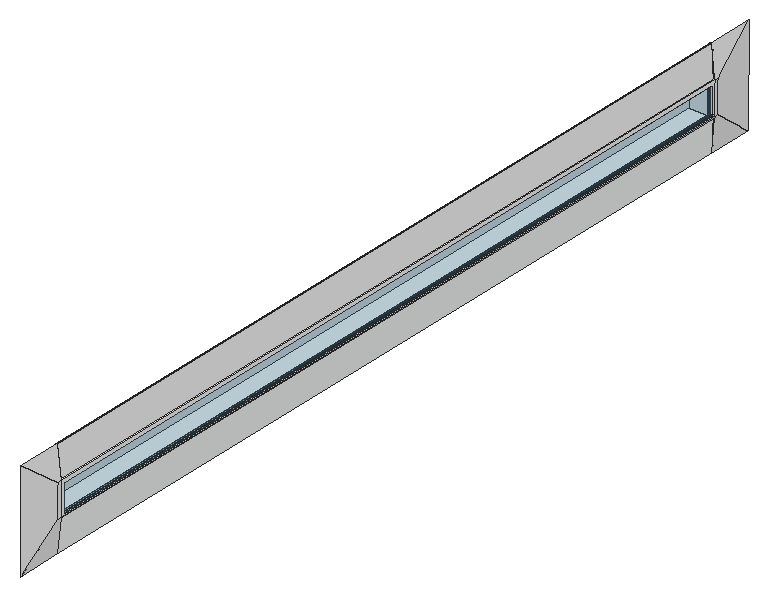
Revit family "LLED8000-MI_4RF", category Lighting Fixtures, Revit 2017
Family settings
  Round Connector Dimension = Use Diameter
  Part Type = Normal
  OmniClass Number = 23.80.70.00
  OmniClass Title = Lighting
  Work Plane-Based = No
  Always vertical = Yes
  Cut with Voids When Loaded = No
  Light Source = Yes
  Shared = No
  Room Calculation Point = No
Parameters (values of type "LLED8000-MI")
  Wattage = 9.2903 W
  built-in parameter 1150110 = 1 (stored number, unit not read)
  built-in parameter 1114217 = 1 (stored number, unit not read)
  Tilt Angle = 60.00°
  built-in parameter 1150109 = 1 (stored number, unit not read)
  built-in parameter 1150134 = 3
  built-in parameter 1150113 = 1 (stored number, unit not read)
  Photometric Web File = "generic"
  built-in parameter 1150142 = (empty or 0)
  built-in parameter 1150105 = 109.82 (stored number, unit not read)
  Lumens = 1380 lm
  built-in parameter 1150115 = 1 (stored number, unit not read)
  built-in parameter 1150137 = (empty or 0)
  built-in parameter 1150139 = (empty or 0)
  Length = 24.00"
  built-in parameter 1150112 = 1 (stored number, unit not read)
  built-in parameter 1150114 = 1 (stored number, unit not read)
  built-in parameter 1150132 = (empty or 0)
  built-in parameter 1150102 = (empty or 0)
  built-in parameter 1150107 = 3200 (stored number, unit not read)
  built-in parameter 1150138 = (empty or 0)
  built-in parameter 1150106 = 1.0982 (stored number, unit not read)
  Fixture Cap = Fixture Cap
  Fixture = Fixture
  Emit from Line Length = Length  # 24.00"
  built-in parameter 1150104 = 13.8 (stored number, unit not read)
  Dimming Lamp Color Temperature Shift = <None>
  Color Filter = 16777215
  built-in parameter 1114218 = 1 (stored number, unit not read)
  built-in parameter 1150133 = 10 (stored number, unit not read)
Reference planes (in)
  plane 1 "Light Source Axis (F/B)": y = 0
  plane 2: z = 0
  plane 3 "Light Source Axis (L/R)": x = 0
  plane 4 "Light Source Elevation": z = 1.53125
  plane 5: y = 12
  plane 6: y = -12
  plane 7: y = 11.9
  plane 8: y = -11.9
  plane 9: y = 13.35
  plane 10: y = -13.35
Forms (in)
  Extrusion 1, solid, material "Glass"
    sketch origin (0.75, 0, -0.58641) x (1, 0, 0) y (0, 0, 1)
      loop
        line (-0.08, 2.44641) -> (-0.08, 1.61166) -> (0, 1.61166) -> (0, 2.44641) -> (-0.08, 2.44641)
    from 11.9 to -11.9
  Extrusion 2, solid, material "Fixture" <- "Fixture"
    sketch origin (0.73, 0, -0.59375) x (-1, 0, 0) y (0, 0, -1)
      loop
        line (0.13, -0.89375) -> (0.13, -1.61899) -> (0.67, -1.61899) -> (0.67, -2.40375) -> (0.638, -2.40375)
        arc (0.638, -2.40375) -> (0.6235, -2.43909) -> (0.58822, -2.45375) r 0.04978
        line (0.58822, -2.45375) -> (0.13, -2.45375) -> (0.13, -2.51375) -> (0.58822, -2.51375)
        arc (0.58822, -2.51375) -> (0.66593, -2.48152) -> (0.698, -2.40375) r 0.10978
        line (0.698, -2.40375) -> (0.73, -2.40375) -> (0.73, -0.89375) -> (0.13, -0.89375)
    from 11.9 to -11.9
  Extrusion 3, solid, material "Fixture" <- "Fixture"
    sketch origin (0.75, 0, -0.58641) x (-1, 0, 0) y (0, 0, -1)
      loop
        spline (0, -2.53719) -> (0.01352, -2.55747) -> (0.02292, -2.56233) -> (0.02925, -2.55879) -> (0.03357, -2.55276) -> (0.03677, -2.54557) -> (0.03976, -2.53742) -> (0.04324, -2.52856) -> (0.04737, -2.51953) -> (0.05222, -2.51089) -> (0.05825, -2.50436) -> (0.06696, -2.50472) -> (0.08, -2.51725)
        line (0.08, -2.51725) -> (0.08, -1.59714)
        spline (0.08, -1.59714) -> (0.06696, -1.60966) -> (0.05825, -1.61002) -> (0.05222, -1.6035) -> (0.04737, -1.59486) -> (0.04324, -1.58583) -> (0.03976, -1.57697) -> (0.03677, -1.56882) -> (0.03357, -1.56163) -> (0.02925, -1.55559) -> (0.02292, -1.55206) -> (0.01352, -1.55692) -> (0, -1.57719)
        line (0, -1.57719) -> (0, -2.53719)
    from 12 to -12
  Sweep 4, solid
    path origin (0.75, 0, 0) x (-1, 0, 0) y (0, 1, 0)
      loop
        line (0.11, 12) -> (0.11, -12)
    profile origin (0.64, 0, 0) x (1, 0, 0) y (0, 0, 1)
      loop
        arc (0, 2.9) -> (-0.02877, 2.88202) -> (-0.04, 2.85) r 0.05125
        line (-0.04, 2.85) -> (-0.04, 0.05)
        arc (-0.04, 0.05) -> (-0.02877, 0.01798) -> (0, 0) r 0.05125
        line (0, 0) -> (0, 2.9)
  Extrusion 5, solid, material "Fixture" <- "Fixture"
    sketch origin (0.75, 0, 0) x (-1, 0, 0) y (0, 0, -1)
      loop
        line (0.08, -1.91182) -> (0.11, -2.9) -> (0.11, 0) -> (0.08, -1.01073) -> (0.08, -1.91182)
    from 12 to -12
  Blend 6, solid, material "Fixture Cap" <- "Fixture Cap"
    base sketch origin (0.75, 0, 0) x (0, 1, 0) y (0, 0, -1)
      loop
        line (-12, -1.95078) -> (-12, -0.99078) -> (-12.09945, -0.99078) -> (-12.09945, -1.95078) -> (-12, -1.95078)
    top sketch origin (0.75, 0, 0) x (0, 1, 0) y (0, 0, -1)
      loop
        line (-12, -2.9) -> (-12, 0) -> (-13.35, 0) -> (-13.35, -2.9) -> (-12, -2.9)
    from 0 to 0.11
  Blend 7, solid, material "Fixture Cap" <- "Fixture Cap"
    base sketch origin (0.75, 0, 0) x (0, -1, 0) y (0, 0, 1)
      loop
        line (-12, 1.95078) -> (-12.09945, 1.95078) -> (-12.09945, 0.99078) -> (-12, 0.99078) -> (-12, 1.95078)
    top sketch origin (0.75, 0, 0) x (0, -1, 0) y (0, 0, 1)
      loop
        line (-12, 2.9) -> (-13.35, 2.9) -> (-13.35, 0) -> (-12, 0) -> (-12, 2.9)
    from 0 to 0.11
  Extrusion 8, solid, material "Fixture Cap" <- "Fixture Cap"
    sketch origin (0.75, 0, 0) x (-1, 0, 0) y (0, 0, -1)
      loop
        arc (0.60822, -1.92) -> (0.68593, -1.88777) -> (0.718, -1.81) r 0.10978
        line (0.718, -1.81) -> (0.75, -1.81) -> (0.75, -0.3) -> (0.15, -0.3) -> (0.15, -1.92) -> (0.60822, -1.92)
    from 12 to 11.9
  Extrusion 9, solid, material "Fixture Cap" <- "Fixture Cap"
    sketch origin (0.75, 0, 0) x (-1, 0, 0) y (0, 0, 1)
      loop
        line (0.60822, 1.92) -> (0.15, 1.92) -> (0.15, 0.3) -> (0.75, 0.3) -> (0.75, 1.81) -> (0.718, 1.81)
        arc (0.718, 1.81) -> (0.68593, 1.88777) -> (0.60822, 1.92) r 0.10978
    from 12 to 11.9
  Extrusion 10, void
    sketch origin (0, 0, 0.00601) x (1, 0, 0) y (0, 0, 1)
      loop
        line (0.75, 1.02524) -> (0.75, 1.86) -> (0.6, 1.86) -> (0.6, 1.02524) -> (0.75, 1.02524)
    from 11.9 to -11.9
Cuts and joins
  Extrusion 10 cuts Extrusion 3
  Extrusion 10 cuts Sweep 4
  Extrusion 10 cuts Extrusion 5
Dimensions and locks (in)
  "Length": plane 5 to plane 6
  equal spacing: plane 5, plane 1 "Light Source Axis (F/B)", plane 6
  locked: plane 9 to plane 5 at 1.35
  locked: plane 6 to plane 10 at 1.35
  locked: plane 8 to plane 6 at 0.1
  locked: plane 5 to plane 7 at 0.1
  aligned and locked: level to plane 2
  aligned and locked: imposter light to plane 4 "Light Source Elevation"
  aligned and locked: Extrusion 1 to plane 7
  aligned and locked: imposter light to plane 1 "Light Source Axis (F/B)"
  aligned and locked: cut or joined group of Extrusion 5, Extrusion 10 to plane 6
  aligned and locked: Blend 6 to plane 10
  aligned and locked: plane 9 to Blend 7
  aligned and locked: plane 5 to cut or joined group of Extrusion 5, Extrusion 10
  aligned and locked: Extrusion 8 to plane 6
  aligned and locked: Extrusion 8 to plane 8
  aligned and locked: plane 5 to Extrusion 9
  aligned and locked: Extrusion 9 to plane 7
  aligned and locked: plane 7 to Extrusion 2
  aligned and locked: plane 5 to cut or joined group of Extrusion 3, Extrusion 10
  aligned and locked: plane 7 to cut or joined group of Sweep 4, Extrusion 10
  aligned and locked: plane 8 to Extrusion 1
  aligned and locked: plane 8 to cut or joined group of Sweep 4, Extrusion 10
  aligned and locked: plane 8 to Extrusion 2
  aligned and locked: cut or joined group of Extrusion 3, Extrusion 10 to plane 6
Automatic sketch dimensions
  plane 3 "Light Source Axis (L/R)" to Extrusion 1 sketch curve = 0.75"
  plane 3 "Light Source Axis (L/R)" to Extrusion 1 sketch curve = 0.67"
  level to Extrusion 1 sketch curve = 1.02524"
  Extrusion 1 sketch curve to Extrusion 1 sketch curve = 0.83476"
  Extrusion 2 sketch curve to Extrusion 2 sketch curve = 0.00"  (x3)
  Extrusion 2 sketch curve to plane 3 "Light Source Axis (L/R)" = 0.60"  (x2)
  Extrusion 2 sketch curve to Extrusion 2 sketch curve = 0.45822"
  Extrusion 2 sketch curve to Extrusion 2 sketch curve = 0.04978"
  Extrusion 2 sketch curve to Extrusion 2 sketch curve = 0.032"  (x2)
  Extrusion 2 sketch curve to Extrusion 2 sketch curve = 0.028"
  Extrusion 2 sketch curve to level = 0.30"
  Extrusion 2 sketch curve to Extrusion 2 sketch curve = 0.72524"
  Extrusion 2 sketch curve to Extrusion 2 sketch curve = 0.78476"
  Extrusion 2 sketch curve to Extrusion 2 sketch curve = 0.00022"
  Extrusion 3 sketch curve to plane 3 "Light Source Axis (L/R)" = 0.75"
  Extrusion 3 sketch curve to plane 3 "Light Source Axis (L/R)" = 0.67"
  Extrusion 3 sketch curve to level = 0.99078"
  Extrusion 3 sketch curve to Extrusion 3 sketch curve = 0.01995"  (x2)
  Extrusion 3 sketch curve to Extrusion 3 sketch curve = 0.92011"
  Sweep 4 sketch curve to plane 6 = 0.00"
  Sweep 4 sketch curve to plane 5 = 0.00"
  Sweep 4 sketch curve to plane 3 "Light Source Axis (L/R)" = 0.64"
  Sweep 4 sketch curve to level = 0.00"
  profile plane to Sweep 4 sketch curve = 0.00"
  profile plane to Sweep 4 sketch curve = 0.04"
  Sweep 4 sketch curve to profile plane = 0.01125"  (x2)
  Sweep 4 sketch curve to Sweep 4 sketch curve = 2.80"
  Extrusion 5 sketch curve to level = 0.00"
  Extrusion 5 sketch curve to plane 3 "Light Source Axis (L/R)" = 0.67"
  Extrusion 5 sketch curve to plane 3 "Light Source Axis (L/R)" = 0.64"
  Extrusion 5 sketch curve to level = 1.01073"
  Extrusion 5 sketch curve to Extrusion 5 sketch curve = 0.9011"
  Extrusion 5 sketch curve to Extrusion 5 sketch curve = 0.98818"
  Blend 6 sketch curve to plane 6 = 0.00"  (x2)
  Blend 6 sketch curve to plane 6 = 0.09945"
  level to Blend 6 sketch curve = 1.95078"
  Blend 6 sketch curve to Blend 6 sketch curve = 0.96"
  Blend 6 sketch curve to plane 10 = 0.00"
  Blend 6 sketch curve to level = 0.00"
  Blend 6 sketch curve to Blend 6 sketch curve = 2.90"
  Blend 7 sketch curve to plane 5 = 0.00"  (x2)
  plane 5 to Blend 7 sketch curve = 0.09945"
  level to Blend 7 sketch curve = 0.99078"
  Blend 7 sketch curve to Blend 7 sketch curve = 0.96"
  Blend 7 sketch curve to plane 9 = 0.00"
  Blend 7 sketch curve to level = 0.00"
  level to Blend 7 sketch curve = 2.90"
  Extrusion 8 sketch curve to plane 3 "Light Source Axis (L/R)" = 0.60"
  Extrusion 8 sketch curve to Extrusion 8 sketch curve = 0.45822"
  Extrusion 8 sketch curve to Extrusion 8 sketch curve = 0.10978"
  Extrusion 8 sketch curve to level = 0.30"
  Extrusion 8 sketch curve to Extrusion 8 sketch curve = 0.60"
  Extrusion 8 sketch curve to Extrusion 8 sketch curve = 1.51"
  Extrusion 8 sketch curve to Extrusion 8 sketch curve = 0.00022"
  plane 3 "Light Source Axis (L/R)" to Extrusion 9 sketch curve = 0.60"
  Extrusion 9 sketch curve to Extrusion 9 sketch curve = 0.45822"
  Extrusion 9 sketch curve to Extrusion 9 sketch curve = 0.10978"
  level to Extrusion 9 sketch curve = 0.30"
  Extrusion 9 sketch curve to Extrusion 9 sketch curve = 0.60"
  Extrusion 9 sketch curve to Extrusion 9 sketch curve = 1.51"
  Extrusion 9 sketch curve to Extrusion 9 sketch curve = 0.00022"
  plane 3 "Light Source Axis (L/R)" to Extrusion 10 sketch curve = 0.60"
  level to Extrusion 10 sketch curve = 1.03125"
  Extrusion 10 sketch curve to Extrusion 10 sketch curve = 0.83476"
  Extrusion 10 sketch curve to Extrusion 10 sketch curve = 0.15"
